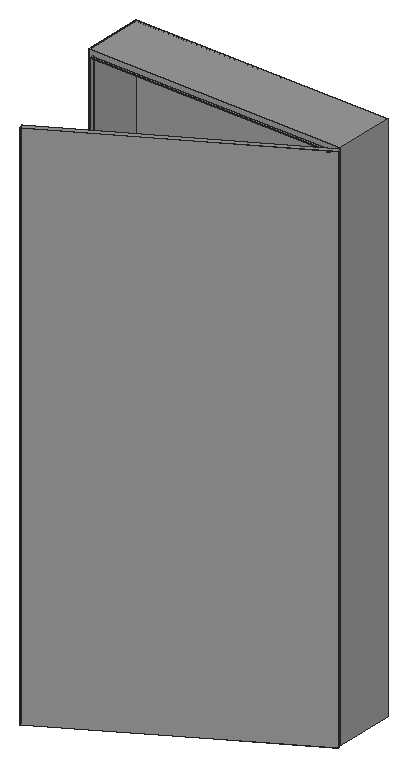
Revit family "Hager-Univers-IP44-D205-H1700-Cl.I-Encl-NoHosted-CH-fr", category Electrical Equipment, Revit 2020
Family settings
  Panel Configuration = Two Columns, Circuits Across
  Round Connector Dimension = Use Diameter
  Part Type = Panelboard
  Work Plane-Based = Yes
  Always vertical = Yes
  Cut with Voids When Loaded = No
  Shared = No
  Room Calculation Point = No
Parameters (values of type "saillie IP44 L800 H1700 P205  - FP13TN2")
  Width Control [instance] = if([EF000008 - largeur] > Min Width, [EF000008 - largeur], Min Width)  # 800 mm
  Type Comments = [HG000003 - Gamme]  # "Univers"
  Thickness Door [instance] = if([EF009171 - épaisseur de matériau de la porte/du couvercle] > 3 mm, 3 mm, [EF009171 - épaisseur de matériau de la porte/du couvercle])  # 1 mm
  Seal Frame Offset [instance] = 17 mm  # constant formula
  Plinth Visibility [instance] = [HG000027 - Hauteur du socle] > 0 mm  # no
  Min Width [instance] = 100 mm  # constant formula
  Min Depth [instance] = (2 * [EF009170 - épaisseur de matériau du boîtier]) + 1 mm  # 3 mm
  Min Height [instance] = 100 mm  # constant formula
  Internal Frame Depth [instance] = (Door System Depth * 0.5)  # 9 mm
  Panel Name [instance] = ""  # (empty or 0)
  Model = ""
  HG000027 - Hauteur du socle = 0 mm
  HG000026 - Installation au sol = no
  HG000024 - Hauteur de la section basse = 600 mm
  HG000023 - Armoire double section = no
  HG000016 - Visibilité de la porte 3D [instance] = yes
  HG000015 - Visibilité de l'emprise de la porte [instance] = no
  HG000014 - Porte à droite [instance] = yes
  HG000013 - Porte à gauche [instance] = not([HG000014 - Porte à droite])  # no
  HG000012 - Angle de pivotement de la porte [instance] = 30.00°
  HG000010 - Portes asymétriques = no
  HG000009 - Porte à double battant = no
  HG000006 - Encastré = no
  HG000004 - Référence fabricant = "FP13TN2"
  HG000003 - Gamme = "Univers"
  HG000002 - avec porte = yes
  Frame Offset Bottom [instance] = 10 mm  # constant formula
  Frame Offset [instance] = 15 mm  # constant formula
  EF015940 - couvercle avec décharge de pression = no
  EF011959 - degré de protection (NEMA) = ""
  EF009554 - nombre d'ouvertures pour plaques à bride = 6
  EF009212 - finition du couvercle = "EV000116 - fermé"
  EF009171 - épaisseur de matériau de la porte/du couvercle = 1 mm
  EF009170 - épaisseur de matériau du boîtier = 1 mm
  EF008873 - courant nominal (In) = 400 A
  EF007800 - adapté à un parafoudre = no
  EF006306 - avec serrure = no
  EF006244 - couvercle/porte transparent(e) = no
  EF005474 - indice de protection (IP) = "EV006418 - IP44"
  EF004464 - type de porte = "EV002646 - unique"
  EF004427 - nombre de modules = 396
  EF004293 - indice de protection contre les chocs (IK) = "EV006815 - IK09"
  EF003532 - convient pour utilisation à l’extérieur = no
  EF002950 - largeur en nombre de modules = 36
  EF001613 - maintien de fonction = "EV000494 - sans"
  EF001596 - matériau du boîtier/corps = "EV000179 - acier"
  EF001131 - profondeur intérieure = 205 mm
  EF001088 - possibilité de montage en saillie = yes
  EF000437 - nombre d'entrées de conduit = 6
  EF000339 - type de capot = "EV001012 - couvercle"
  EF000266 - nombre de rangées = 11
  EF000218 - profondeur d'encastrement = 205 mm
  EF000118 - avec cadre/support de montage = no
  EF000116 - numéro RAL = "9010"
  EF000049 - profondeur = 205 mm
  EF000040 - hauteur = 1700 mm
  EF000008 - largeur = 800 mm
  EF000007 - couleur = "EV000202 - blanc"
  EF000003 - mode de pose = "EV000384 - saillie"
  Door System Leaf Tolerance [instance] = 1.5 mm  # constant formula
  Door System Depth [instance] = 18 mm  # constant formula
  Door Height [instance] = Height Control - [HG000027 - Hauteur du socle]  # 1700 mm
  Description = ""
  Default Elevation = 1219.2 mm
  Connector Offset [instance] = Height Control / 2  # 850 mm
  Manufacturer = "Hager"  # constant formula
  Height Control [instance] = if([EF000040 - hauteur] > Min Height, [EF000040 - hauteur], Min Height)  # 1700 mm
  Depth Control [instance] = if([EF000049 - profondeur] > Min Depth, [EF000049 - profondeur], Min Depth)  # 205 mm
  Bottom Top Plate Trim [instance] = 1.5 mm  # constant formula
  Plinth height Ctrl [instance] = if([HG000027 - Hauteur du socle] > 0 mm, [HG000027 - Hauteur du socle], 12 mm)  # 12 mm
Types (5, lengths in mm): name | Width Control | HG000010 - Portes asymétriques | HG000009 - Porte à double battant | HG000004 - Référence fabricant | EF009554 - nombre d'ouvertures pour plaques à bride | EF008873 - courant nominal (In) | EF004464 - type de porte | EF004427 - nombre de modules | EF002950 - largeur en nombre de modules | EF000437 - nombre d'entrées de conduit | EF000008 - largeur
  saillie IP44 L1050 H1700 P205  - FP14TN2 | 1050 | no | yes | "FP14TN2" | 8 | 400 A | "EV003602 - double" | 528 | 48 | 8 | 1050
  saillie IP44 L1300 H1700 P205  - FP15TN2 | 1300 | yes | yes | "FP15TN2" | 10 | 400 A | "EV003602 - double" | 660 | 60 | 10 | 1300
  saillie IP44 L300 H1700 P205  - FP11TN2 | 300 | no | no | "FP11TN2" | 2 | 250 A | "EV002646 - unique" | 132 | 12 | 2 | 300
  saillie IP44 L550 H1700 P205  - FP12TN2 | 550 | no | no | "FP12TN2" | 4 | 250 A | "EV002646 - unique" | 264 | 24 | 4 | 550
  saillie IP44 L800 H1700 P205  - FP13TN2 | 800 | no | no | "FP13TN2" | 6 | 400 A | "EV002646 - unique" | 396 | 36 | 6 | 800
Reference planes
  plane 1 "Center (Front/Back)": y = 0
  plane 2: z = 0
  plane 3 "Center (Left/Right)": x = 0
  plane 4: y = 0
  plane 5: y = 0
  plane 6: z = 0
  plane 7: x = -400
  plane 8: x = 400
  plane 9: x = 399
  plane 10: x = -399
  plane 11: z = 0
  plane 12: z = 1
  plane 13: y = -205
  plane 14: y = -1
  plane 15: x = 0
  plane 16: y = -187
  plane 17: y = -204
  plane 18: y = -186
  plane 19: x = -384
  plane 20: x = 384
  plane 21: z = 11
  plane 22: x = -383
  plane 23: x = 383
  plane 24: z = 0
  plane 25: z = 1700
  plane 26: z = 1700
  plane 27: z = 1684
  plane 28: z = 1699
Forms (mm)
  Extrusion 1, solid, material "Hager_Steel_RAL7035_Light_Grey", detail levels medium+fine
    sketch origin (-208.679, -4572, 0) x (-1, 0, 0) y (0, -1, 0)
      loop
        line (191.321, -4385) -> (-608.679, -4385) -> (-608.679, -4572) -> (191.321, -4572) -> (191.321, -4385)
    from 0 to 1700
  Extrusion 2, void
    sketch origin (-350.771, -205, 1219.2) x (1, 0, 0) y (0, 0, 1)
      loop
        line (-48.229, 479.8) -> (-48.229, -1218.2) -> (749.771, -1218.2) -> (749.771, 479.8) -> (-48.229, 479.8)
    from -19 to -204
  Extrusion 3, void
    sketch origin (-290.084, -187, 1219.2) x (1, 0, 0) y (0, 0, 1)
      loop
        line (-93.916, -1208.2) -> (674.084, -1208.2) -> (674.084, 464.8) -> (-93.916, 464.8) -> (-93.916, -1208.2)
    from 0 to -1
  Extrusion 4, solid, material "Hager_Steel_RAL7035_Light_Grey", visible <- "Plinth Visibility", detail levels medium+fine
    sketch origin (0, 0, 0) x (1, 0, 0) y (0, 1, 0)
      loop
        line (-400, 0) -> (-400, -187) -> (400, -187) -> (400, 0) -> (-400, 0)
    from 0 to 12 <- "Plinth height Ctrl"
  Extrusion 5, solid, material "Hager_Steel_RAL7035_Light_Grey", detail levels coarse
    sketch origin (0, 0, 0) x (1, 0, 0) y (0, 1, 0)
      loop
        line (-400, 0) -> (-400, -205) -> (400, -205) -> (400, 0) -> (-400, 0)
    from 0 to 1700 <- "Height Control"
  Sweep 6, void
    path in 3D
      loop
        line (-400, -187, 12) -> (400, -187, 12) -> (400, 0, 12) -> (-400, 0, 12) -> (-400, -187, 12)
    profile origin (-400, -93.5, 12) x (1, 0, 0) y (0, 0, 1)
      loop
        line (0, 0) -> (0, -1.5) -> (1.5, -1.5)
        arc (1.5, -1.5) -> (1.061, -0.439) -> (0, 0) r 1.5
  Extrusion 7, solid, material "Hager_Steel_RAL7035_Light_Grey", detail levels fine
    sketch origin (-400, -187, 0) x (1, 0, 0) y (0, 0, 1)
      loop
        line (16, 11) -> (784, 11) -> (784, 1684) -> (16, 1684) -> (16, 11)
      loop
        line (15, 10) -> (785, 10) -> (785, 1685) -> (15, 1685) -> (15, 10)
    from 0 to 9 <- "Internal Frame Depth"
Cuts and joins
  Extrusion 2, Extrusion 3 cuts Extrusion 1
  Sweep 6 cuts Extrusion 4
Lines and regions (mm)
  Masking region 1
    outline origin (0, 0, 0) x (1, 0, 0) y (0, 1, 0)
      loop
        line (-400, 0) -> (-400, -205) -> (400, -205) -> (400, 0) -> (-400, 0)
  Masking region 2, detail levels coarse
    outline origin (-290.084, -187, 1219.2) x (-1, 0, 0) y (0, 0, 1)
      loop
        line (-690.084, -1219.2) -> (109.916, -1219.2) -> (109.916, 480.8) -> (-690.084, 480.8) -> (-690.084, -1219.2)
  Masking region 3, detail levels coarse
    outline origin (0, 0, 0) x (0, 1, 0) y (0, 0, 1)
      loop
        line (0, 0) -> (0, 1700) -> (-205, 1700) -> (-205, 0) -> (0, 0)
  Masking region 4, visible <- "Plinth Visibility", detail levels medium+fine
    outline origin (0, 0, 0) x (0, 1, 0) y (0, 0, 1)
      loop
        line (-1.5, 12) -> (-185.5, 12)
        arc (-185.5, 12) -> (-185.939, 10.939) -> (-187, 10.5) r 1.5
        line (-187, 10.5) -> (-187, 0) -> (0, 0) -> (0, 10.5)
        arc (0, 10.5) -> (-1.061, 10.939) -> (-1.5, 12) r 1.5
  Masking region 5, detail levels medium+fine
    outline origin (0, 0, 594.038) x (0, 1, 0) y (0, 0, 1)
      loop
        line (0, -594.038) -> (0, 1105.962) -> (-187, 1105.962) -> (-187, -594.038) -> (0, -594.038)
  Masking region 6, detail levels medium+fine
    outline origin (-359.7, -187, 1211.883) x (-1, 0, 0) y (0, 0, 1)
      loop
        line (-759.7, -1211.883) -> (40.3, -1211.883) -> (40.3, 488.117) -> (-759.7, 488.117) -> (-759.7, -1211.883)
  Masking region 7, visible <- "Plinth Visibility", detail levels medium+fine
    outline origin (-320.334, -187, 1041.368) x (-1, 0, 0) y (0, 0, 1)
      loop
        line (-720.334, -1041.368) -> (79.666, -1041.368) -> (79.666, -1030.868)
        arc (79.666, -1030.868) -> (78.606, -1030.429) -> (78.166, -1029.368) r 1.5
        line (78.166, -1029.368) -> (-718.834, -1029.368)
        arc (-718.834, -1029.368) -> (-719.273, -1030.429) -> (-720.334, -1030.868) r 1.5
        line (-720.334, -1030.868) -> (-720.334, -1041.368)
  sketch lines
    curve 1: line (-400, 0, 12) -> (-400, -187, 12)
    curve 2: line (-400, -187, 12) -> (400, -187, 12)
    curve 3: line (400, 0, 12) -> (-400, 0, 12)
    curve 4: line (400, -187, 12) -> (400, 0, 12)
Dimensions and locks
  locked: plane 1 "Center (Front/Back)" to plane 5
  "EF009170 - épaisseur de matériau du boîtier": plane 7 to plane 10
  "EF009170 - épaisseur de matériau du boîtier": plane 8 to plane 9
  equal spacing: plane 7, plane 3 "Center (Left/Right)", plane 8
  "Width Control": plane 7 to plane 8
  "Depth Control": plane 4 to plane 13
  "EF009170 - épaisseur de matériau du boîtier": plane 4 to plane 14
  "Height Control": plane 25 to level
  "HG000027 - Hauteur du socle": plane 11 to level
  "EF009170 - épaisseur de matériau du boîtier": plane 12 to plane 11
  "EF009170 - épaisseur de matériau du boîtier": plane 17 to plane 13
  "EF009170 - épaisseur de matériau du boîtier": plane 18 to plane 16
  "Frame Offset Bottom": plane 21 to plane 12
  "Frame Offset": plane 10 to plane 19
  "Frame Offset": plane 9 to plane 20
  "Door System Depth": plane 16 to plane 13
  "Seal Frame Offset": plane 7 to plane 22
  "Seal Frame Offset": plane 8 to plane 23
  "EF009170 - épaisseur de matériau du boîtier": plane 26 to plane 28
  "Frame Offset": plane 28 to plane 27
  "Connector Offset": plane 2 to connector elem
  "Bottom Top Plate Trim": profile plane to Sweep 6 sketch curve
  "Bottom Top Plate Trim": Sweep 6 sketch curve to Sweep 6 sketch curve
  "Plinth height Ctrl": Masking region 4 sketch curve to level
  "Plinth height Ctrl": Masking region 7 sketch curve to level
  "Thickness Door": Extrusion 7 sketch curve to Extrusion 7 sketch curve  (x4)
  "Bottom Top Plate Trim": radius of Sweep 6 sketch curve
  "Bottom Top Plate Trim": radius of Masking region 4 sketch curve  (x2)
  "Bottom Top Plate Trim": radius of Masking region 7 sketch curve  (x2)
  aligned and locked: Extrusion 2 sketch curve to plane 12
  aligned and locked: Extrusion 2 sketch curve to plane 9
  aligned and locked: Extrusion 2 sketch curve to plane 10
  aligned and locked: Extrusion 2 to plane 14
  aligned and locked: Extrusion 1 sketch curve to plane 4
  aligned and locked: plane 8 to Extrusion 1 sketch curve
  aligned and locked: plane 7 to Extrusion 1 sketch curve
  aligned and locked: Extrusion 2 to plane 18
  aligned and locked: Extrusion 3 sketch curve to plane 19
  aligned and locked: plane 20 to Extrusion 3 sketch curve
  aligned and locked: Extrusion 3 to Extrusion 2
  aligned and locked: Extrusion 3 sketch curve to plane 21
  aligned and locked: plane 3 "Center (Left/Right)" to nested 1
  aligned and locked: Extrusion 1 sketch curve to plane 16
  aligned and locked: Extrusion 4 sketch curve to cut or joined group of Extrusion 1, Extrusion 2, Extrusion 3
  aligned and locked: Masking region 1 sketch curve to plane 7
  aligned and locked: Masking region 1 sketch curve to plane 5
  aligned and locked: Masking region 1 sketch curve to plane 8
  aligned and locked: Masking region 2 sketch curve to level
  aligned and locked: level to Masking region 3 sketch curve
  aligned and locked: plane 1 "Center (Front/Back)" to Masking region 3 sketch curve
  aligned and locked: plane 13 to Masking region 3 sketch curve
  aligned and locked: plane 5 to Masking region 4 sketch curve
  aligned and locked: Masking region 2 sketch curve to plane 8
  aligned and locked: Masking region 2 sketch curve to plane 7
  aligned and locked: plane 7 to nested 2
  aligned and locked: nested 2 to plane 5
  aligned and locked: plane 5 to Masking region 5 sketch curve
  aligned and locked: plane 26 to Masking region 5 sketch curve
  aligned and locked: Extrusion 5 sketch curve to plane 8
  aligned and locked: Extrusion 5 sketch curve to plane 7
  aligned and locked: Extrusion 5 sketch curve to plane 5
  aligned and locked: Extrusion 3 sketch curve to plane 27
  aligned and locked: Extrusion 2 sketch curve to plane 28
  aligned and locked: Masking region 2 to plane 25
  aligned and locked: Extrusion 4 to plane 16
  aligned and locked: profile plane to Sweep 6 sketch curve
  aligned and locked: Masking region 5 sketch curve to plane 24
  aligned and locked: level to Masking region 4 sketch curve
  aligned and locked: Masking region 1 to plane 13
  aligned and locked: nested 1 to plane 16
  aligned and locked: Masking region 3 to plane 25
  aligned and locked: plane 16 to Masking region 4 sketch curve
  aligned and locked: Masking region 5 sketch curve to plane 16
  aligned and locked: plane 24 to plane 11
  aligned and locked: plane 26 to plane 25
  aligned and locked: plane 26 to cut or joined group of Extrusion 1, Extrusion 2, Extrusion 3
  aligned and locked: nested 1 to plane 24
  aligned and locked: Extrusion 1 to Extrusion 3
  aligned and locked: Masking region 6 sketch curve to plane 8
  aligned and locked: Masking region 6 sketch curve to plane 24
  aligned and locked: Masking region 6 sketch curve to plane 7
  aligned and locked: Masking region 6 sketch curve to plane 26
  aligned and locked: Masking region 7 sketch curve to plane 7
  aligned and locked: level to Masking region 7 sketch curve
  aligned and locked: Masking region 7 sketch curve to plane 8
  aligned and locked: Extrusion 7 sketch curve to cut or joined group of Extrusion 1, Extrusion 2, Extrusion 3  (x4)
Automatic sketch dimensions
  plane 19 to Extrusion 3 sketch curve = 0 mm
  Extrusion 3 sketch curve to plane 20 = 0 mm
  Extrusion 3 sketch curve to plane 21 = 0 mm
  Extrusion 4 sketch curve to plane 7 = 0 mm
  Extrusion 4 sketch curve to plane 8 = 0 mm
  Extrusion 4 sketch curve to plane 16 = 0 mm
  Masking region 1 sketch curve to plane 13 = 0 mm
  Masking region 2 sketch curve to plane 25 = 0 mm
  Masking region 3 sketch curve to plane 25 = 0 mm
  Extrusion 5 sketch curve to plane 13 = 0 mm
  profile plane to Sweep 6 sketch curve = 0 mm
Nested families
  nested 1: "EC000058_Univers_Door" at (0, -187, 0), Double <- "HG000009 - Porte à double battant", Transparent <- "EF006244 - couvercle/porte transparent(e)", Angle <- "HG000012 - Angle de pivotement de la porte", Door_Right <- "HG000014 - Porte à droite", Assymetrical <- "HG000010 - Portes asymétriques", Door <- "HG000002 - avec porte", Width_Ctrl <- "Width Control", 3d_Door <- "HG000016 - Visibilité de la porte 3D", Clearance <- "HG000015 - Visibilité de l'emprise de la porte", Door_Left <- "HG000013 - Porte à gauche", Width <- "Width Control", Door_Depth <- "Door System Depth", Leaf_Tolerance <- "Door System Leaf Tolerance", Height <- "Door Height", Lock_Visibility <- "EF006306 - avec serrure", Thickness <- "Thickness Door", type "EC000058_Univers_Door", detail levels medium+fine
    with min_wh 3 mm, Width_Ctrl 800 mm, Width 800 mm, Transparent no, Thickness 1 mm, Seal_Material Hager_Rubber, Lock_Visibility no, Lock_Material Hager_Plastic_RAL9005_Jet_Black, Leaf_Width 800 mm, Leaf_Tolerance_External_Sides 0 mm, Leaf_Tolerance 1.5 mm, Leaf_Offset 0 mm, Leaf_Height 1697 mm, Leaf_2_Width 800 mm, Leaf_2_Offset 400 mm, Leaf_1_Width 800 mm, Leaf_1_Offset 400 mm, Height_Ctrl 1700 mm, Height 1700 mm, Glass_Material Hager_Glass, Double_Clearance_Ctrl no, Double no, Door_Right_Ctrl yes, Door_Right yes, Door_Material Hager_Steel_RAL7035_Light_Grey, Door_Left_Ctrl no, Door_Left no, Door_Depth 18 mm, Door yes, Clearance_Material Hager_Clearance, Clearance_Depth 800 mm, Clearance_Ctrl no, Clearance no, Assymetrical no, Angle 30.00°, 3d_Door yes
  nested 2: "Hager_Enclosure_Symbol" at (-400, 0, 0), Height <- "Depth Control", Width <- "Width Control", type "Hager_Enclosure_Symbol"
    with Width_Ctrl 800 mm, Width 800 mm, Height_Ctrl 205 mm, Height 205 mm, A_Width_Int 13.453 mm, A_Width 161.438 mm, A_Height_Ctrl 179.375 mm, A_Height 179.375 mm
Connectors
  electrical at (0, 0, 850)
    settings: on plane 1 "Center (Front/Back)", index 1, voltage 0 V, apparent load 0 VA, apparent load phase1 0 VA, apparent load phase2 0 VA, apparent load phase3 0 VA, power factor 1, load classification "Other", number of poles 1, system type 30, power factor state 1, is connector primary yes, connector utility no, sub classification motor no, connector description ""
Definition of nested family "EC000058_Univers_Door"
  Parameters (values of type "EC000058_Univers_Door")
    min_wh [instance] = (2 * Thickness) + 1 mm  # 11 mm
    Width_Ctrl [instance] = 400 mm
    Width [instance] = 500 mm
    Transparent [instance] = yes
    Thickness [instance] = 5 mm
    Seal_Material [instance] = none
    Lock_Visibility [instance] = yes
    Lock_Material [instance] = none
    Leaf_Width [instance] = if((Width_Ctrl - 2 * Leaf_Tolerance_External_Sides) > 0 mm, (Width_Ctrl - 2 * Leaf_Tolerance_External_Sides), min_wh)  # 400 mm
    Leaf_Tolerance_External_Sides [instance] = 0 mm  # constant formula
    Leaf_Tolerance [instance] = 1.5 mm
    Leaf_Offset [instance] = 0 mm  # constant formula
    Leaf_Height [instance] = if((Height_Ctrl - 2 * Leaf_Tolerance) > 0 mm, (Height_Ctrl - 2 * Leaf_Tolerance), min_wh)  # 497 mm
    Leaf_2_Width [instance] = if(and(and(Double, Assymetrical), Door_Left), (Leaf_Width / 3) - (Leaf_Tolerance / 2), if(and(and(Double, Assymetrical), Door_Right), (Leaf_Width / 3) * 2 - (Leaf_Tolerance / 2), if(and(Double, not(Assymetrical)), (Leaf_Width / 2) - Leaf_Tolerance, Leaf_Width)))  # 400 mm
    Leaf_2_Offset [instance] = if(and(Double, Assymetrical), Leaf_2_Width / 2, if(and(Double, not(Assymetrical)), Leaf_Width / 4, Leaf_Width / 2))  # 200 mm
    Leaf_1_Width [instance] = if(and(and(Double, Assymetrical), Door_Right), (Leaf_Width / 3) - (Leaf_Tolerance / 2), if(and(and(Double, Assymetrical), Door_Left), (Width / 3) * 2 - (Leaf_Tolerance / 2), if(and(Double, not(Assymetrical)), (Leaf_Width / 2) - Leaf_Tolerance, Leaf_Width)))  # 400 mm
    Leaf_1_Offset [instance] = if(and(Double, Assymetrical), Leaf_1_Width / 2, if(and(Double, not(Assymetrical)), Leaf_Width / 4, Leaf_Width / 2))  # 200 mm
    Height_Ctrl [instance] = if(Height > min_wh, Height, min_wh)  # 500 mm
    Height [instance] = 500 mm
    Glass_Material [instance] = none
    Double_Clearance_Ctrl [instance] = and(Double, Clearance)  # no
    Double [instance] = no
    Door_Right_Ctrl [instance] = and(or(Door_Right, Double), Door)  # yes
    Door_Right [instance] = yes
    Door_Material [instance] = none
    Door_Left_Ctrl [instance] = and(or(Door_Left, Double), Door)  # no
    Door_Left [instance] = no
    Door_Depth [instance] = 30 mm
    Door [instance] = yes
    Default Elevation = 1219.2 mm
    Clearance_Material [instance] = none
    Clearance_Depth [instance] = if(Leaf_1_Width > Leaf_2_Width, Leaf_1_Width, Leaf_2_Width)  # 400 mm
    Clearance_Ctrl [instance] = and(not(Double), Clearance)  # yes
    Clearance [instance] = yes
    Assymetrical [instance] = yes
    Angle [instance] = 30.00°
    3d_Door [instance] = yes
  Reference planes
    plane 1 "Center (Front/Back)": y = 0
    plane 2 "Bottom": z = 0
    plane 3 "Center (Left/Right)": x = 0
    plane 4: z = 500
    plane 5: x = -200
    plane 6: x = 200
    plane 7: z = 500
    plane 8: x = -200
    plane 9: z = 0
    plane 10: x = 200
    plane 11: y = 0
    plane 12: z = 1.5
    plane 13: x = -600
    plane 14: y = -400
    plane 15: x = 600
    plane 16: x = 0
    plane 17: x = 0
    plane 18: x = -200
    plane 19: x = 200
    plane 20: z = 498.5
  Forms (mm)
    Extrusion 1, solid, material <- "Clearance_Material", visible <- "Double_Clearance_Ctrl"
      sketch origin (1200, 0, 0) x (1, 0, 0) y (0, 0, -1)
        loop
          line (-1800, -498.5) -> (-600, -498.5) -> (-600, 0) -> (-1800, 0) -> (-1800, -498.5)
      from 0 to -400
  Dimensions and locks
    equal spacing: plane 5, plane 3 "Center (Left/Right)", plane 6
    "Width_Ctrl": plane 5 to plane 6
    "Leaf_Offset": plane 5 to plane 8
    "Leaf_Offset": plane 6 to plane 10
    "Leaf_Offset": plane 9 to level
    "Leaf_Offset": plane 4 to plane 7
    "Height_Ctrl": plane 4 to level
    "Leaf_Tolerance": plane 12 to plane 9
    locked: plane 11 to plane 1 "Center (Front/Back)"
    "Leaf_1_Offset": plane 18 to plane 16
    "Leaf_2_Offset": plane 17 to plane 19
    "Leaf_1_Width": plane 13 to plane 8
    "Leaf_2_Width": plane 10 to plane 15
    "Clearance_Depth": plane 14 to plane 1 "Center (Front/Back)"
    "Leaf_Tolerance_External_Sides": plane 8 to plane 18
    "Leaf_Tolerance_External_Sides": plane 19 to plane 10
    "Leaf_Tolerance": plane 7 to plane 20
    aligned and locked: level to plane 2 "Bottom"
    aligned and locked: nested 1 to plane 16
    aligned and locked: nested 2 to plane 17
    aligned and locked: Extrusion 1 to plane 13
    aligned and locked: plane 15 to Extrusion 1
    aligned and locked: Extrusion 1 to plane 14
    aligned and locked: plane 12 to nested 1
    aligned and locked: nested 2 to plane 12
    aligned and locked: Extrusion 1 to plane 11
    aligned and locked: plane 20 to Extrusion 1
    aligned and locked: nested 2 to plane 11
    aligned and locked: nested 1 to plane 11
  Automatic sketch dimensions
    Extrusion 1 sketch curve to level = 0 mm
    plane 5 to Extrusion 1 sketch curve = 400 mm
    plane 6 to Extrusion 1 sketch curve = 400 mm
    Extrusion 1 sketch curve to plane 4 = 1.5 mm
  Nested families
    nested 1: "EC000058_Univers_Door_Leaf" at (0, 0, 1.5), Width <- "Leaf_1_Width", visible <- "Door_Left_Ctrl", Leaf_Height <- "Leaf_Height", Angle <- "Angle", 3d_Door <- "3d_Door", Transparent <- "Transparent", Clearance Material <- "Clearance_Material", Clearance <- "Clearance_Ctrl", Door_Material <- "Door_Material", Glass_Material <- "Glass_Material", Door_Depth <- "Door_Depth", Lock_Material <- "Lock_Material", Seal_Material <- "Seal_Material", Lock_Visibility <- "Lock_Visibility", Thickness <- "Thickness", type "EC000058_Univers_Door_Leaf"
      with Width 400 mm, Transparent_Glass_Offset 30 mm, Transparent_Ctrl yes, Transparent yes, Thickness 5 mm, Standard no, Seal_Material none, Seal_D2 8 mm, Seal_D1 1 mm, Offset_Internal_Frame 10 mm, Lock_Width 20 mm, Lock_Visibility_3d yes, Lock_Visibility yes, Lock_Thickness_3 3 mm, Lock_Thickness_2 1 mm, Lock_Thickness_1 3 mm, Lock_Radius_Offset_2 16 mm, Lock_Radius_Offset_1 15 mm, Lock_Radius_2 5 mm, Lock_Radius 6 mm, Lock_Offset 5 mm, Lock_Material none, Lock_Height 80 mm, Lock_Cover_Top_Offset_2d 17 mm, Lock_Cover_Height -65 mm, Leaf_Height 497 mm, Internal_Seal_Thickness 8 mm, Internal_Seal_Depth_2 4.5 mm, Internal_Frame_Depth 25 mm, Glass_Thickness -1 mm, Glass_Offset -2 mm, Glass_Material none, Door_Material none, Door_Depth 30 mm, Clearance Material none, Clearance yes, Angle_Ctrl 30.00°, Angle 30.00°, 3d_Door yes
    nested 2: "EC000058_Univers_Door_Leaf" at (0, 0, 1.5) x (-1, 0, 0) z (0, 0, 1), Width <- "Leaf_2_Width", visible <- "Door_Right_Ctrl", Leaf_Height <- "Leaf_Height", Angle <- "Angle", 3d_Door <- "3d_Door", Transparent <- "Transparent", Clearance Material <- "Clearance_Material", Clearance <- "Clearance_Ctrl", Door_Material <- "Door_Material", Glass_Material <- "Glass_Material", Door_Depth <- "Door_Depth", Lock_Material <- "Lock_Material", Seal_Material <- "Seal_Material", Lock_Visibility <- "Lock_Visibility", Thickness <- "Thickness", type "EC000058_Univers_Door_Leaf"
      with Width 400 mm, Transparent_Glass_Offset 30 mm, Transparent_Ctrl yes, Transparent yes, Thickness 5 mm, Standard no, Seal_Material none, Seal_D2 8 mm, Seal_D1 1 mm, Offset_Internal_Frame 10 mm, Lock_Width 20 mm, Lock_Visibility_3d yes, Lock_Visibility yes, Lock_Thickness_3 3 mm, Lock_Thickness_2 1 mm, Lock_Thickness_1 3 mm, Lock_Radius_Offset_2 16 mm, Lock_Radius_Offset_1 15 mm, Lock_Radius_2 5 mm, Lock_Radius 6 mm, Lock_Offset 5 mm, Lock_Material none, Lock_Height 80 mm, Lock_Cover_Top_Offset_2d 17 mm, Lock_Cover_Height -65 mm, Leaf_Height 497 mm, Internal_Seal_Thickness 8 mm, Internal_Seal_Depth_2 4.5 mm, Internal_Frame_Depth 25 mm, Glass_Thickness -1 mm, Glass_Offset -2 mm, Glass_Material none, Door_Material none, Door_Depth 30 mm, Clearance Material none, Clearance yes, Angle_Ctrl 30.00°, Angle 30.00°, 3d_Door yes
  Definition of nested family "EC000058_Univers_Door_Leaf"
    Parameters (values of type "EC000058_Univers_Door_Leaf")
      Width [instance] = 2000 mm
      Transparent_Glass_Offset [instance] = 30 mm
      Transparent_Ctrl [instance] = and(Transparent, [3d_Door])  # yes
      Transparent [instance] = yes
      Thickness [instance] = 5 mm
      Standard [instance] = and(not(Transparent), [3d_Door])  # no
      Seal_Material [instance] = none
      Seal_D2 [instance] = 8 mm  # constant formula
      Seal_D1 [instance] = 1 mm  # constant formula
      Offset_Internal_Frame [instance] = 10 mm  # constant formula
      Lock_Width [instance] = 20 mm  # constant formula
      Lock_Visibility_3d [instance] = and(Lock_Visibility, [3d_Door])  # yes
      Lock_Visibility [instance] = yes
      Lock_Thickness_3 [instance] = 3 mm  # constant formula
      Lock_Thickness_2 [instance] = 1 mm  # constant formula
      Lock_Thickness_1 [instance] = 3 mm  # constant formula
      Lock_Radius_Offset_2 [instance] = Lock_Radius_Offset_1 + 1 mm  # 16 mm
      Lock_Radius_Offset_1 [instance] = 15 mm  # constant formula
      Lock_Radius_2 [instance] = Lock_Radius - 1 mm  # 5 mm
      Lock_Radius [instance] = 6 mm  # constant formula
      Lock_Offset [instance] = 5 mm  # constant formula
      Lock_Material [instance] = none
      Lock_Height [instance] = 80 mm  # constant formula
      Lock_Cover_Top_Offset_2d [instance] = Lock_Radius_Offset_2 + 1 mm  # 17 mm
      Lock_Cover_Height [instance] = -(Lock_Height - Lock_Radius_Offset_1)  # -65 mm
      Leaf_Height [instance] = 2720.336 mm
      Internal_Seal_Thickness [instance] = 8 mm  # constant formula
      Internal_Seal_Depth_2 [instance] = 4.5 mm  # constant formula
      Internal_Frame_Depth [instance] = if(Door_Depth - Thickness > 5 mm, Door_Depth - Thickness, 5 mm)  # 25 mm
      Glass_Thickness [instance] = if(Thickness > 15 mm, Glass_Offset + 10 mm, -1 mm)  # -1 mm
      Glass_Offset [instance] = if(Thickness > 15 mm, -(Thickness + 10 mm) / 2, -2 mm)  # -2 mm
      Glass_Material [instance] = none
      Door_Material [instance] = none
      Door_Depth [instance] = 30 mm
      Default Elevation = 0 mm
      Clearance Material [instance] = none
      Clearance [instance] = yes
      Angle_Ctrl [instance] = if(Angle > 180.00°, 180.00°, Angle)  # 90.00°
      Angle [instance] = 90.00°
      3d_Door [instance] = yes
    Reference planes
      plane 1 "Center (Front/Back)": y = 0
      plane 2: z = 0
      plane 3 "Center (Left/Right)": x = 0
      plane 4: y = 2000
      plane 5: x = -1000
      plane 6: x = 1000
      plane 7: x = -3000
      plane 8: z = 2720.336
      plane 9: z = 30
      plane 10: z = 2690.336
      plane 11: x = 970
      plane 12: x = -970
      plane 13: y = -3
      plane 14: z = 107.833
      plane 15: y = -5
      plane 16: y = -223.314
      plane 17: x = -1000
      plane 18: z = 1360.168
      plane 19: y = 30
    Forms (mm)
      Extrusion 1, solid, material <- "Clearance Material", visible <- "Clearance"
        sketch origin (0, 0, 0) x (1, 0, 0) y (0, 0, 1)
          loop
            line (-3000, 2720.336) -> (-3000, 0) -> (1000, 0) -> (1000, 2720.336) -> (-3000, 2720.336)
        from 0 to -2000
      Extrusion 2, solid, material <- "Door_Material", visible <- "Standard", detail levels medium+fine
        sketch origin (-1000, 0, 0) x (0, 1, 0) y (-1, 0, 0)
          loop
            line (0, 30) -> (0, 25) -> (2000, 25) -> (2000, 30) -> (0, 30)
        from 0 to 2720.336 <- "Leaf_Height"
      Extrusion 3, solid, material <- "Door_Material", visible <- "Transparent_Ctrl", detail levels medium+fine
        sketch origin (-1000, 0, 0) x (0, 1, 0) y (-1, 0, 0)
          loop
            line (0, 25) -> (2000, 25) -> (2000, 30) -> (0, 30) -> (0, 25)
        from 0 to 2720.336 <- "Leaf_Height"
      Extrusion 4, void
        sketch origin (-1025, 2000, 0) x (0, 1, 0) y (0, 0, -1)
          loop
            line (-30, -2690.336) -> (-30, -30) -> (-1970, -30) -> (-1970, -2690.336) -> (-30, -2690.336)
        from 0 to 5 <- "Thickness"
      Sweep 5, solid, material <- "Seal_Material", visible <- "Transparent_Ctrl", detail levels fine
        path in 3D
          loop
            line (-1025, 30, 30) -> (-1025, 30, 2690.336) -> (-1025, 1970, 2690.336) -> (-1025, 1970, 30) -> (-1025, 30, 30)
        profile origin (-1025, 1000, 30) x (1, 0, 0) y (0, 0, 1)
          loop
            line (0, 0) -> (0, -8) -> (1, -8) -> (1, 0) -> (0, 0)
      Extrusion 6, solid, material <- "Glass_Material", visible <- "Transparent_Ctrl", detail levels medium+fine
        sketch origin (-1030, 0, 0) x (0, 1, 0) y (0, 0, -1)
          loop
            line (1970, -2690.336) -> (1970, -30) -> (30, -30) -> (30, -2690.336) -> (1970, -2690.336)
        from -2 <- "Glass_Offset" to -1 <- "Glass_Thickness"
      Extrusion 7, solid, material <- "Door_Material", visible <- "3d_Door", detail levels medium+fine
        sketch origin (-1025, 2000, 0) x (0, -1, 0) y (0, 0, -1)
          loop
            line (0, -2720.336) -> (2000, -2720.336) -> (2000, 0) -> (0, 0) -> (0, -2720.336)
          loop
            line (1995, -5) -> (5, -5) -> (5, -2715.336) -> (1995, -2715.336) -> (1995, -5)
        from 0 to 25 <- "Internal_Frame_Depth"
      Sweep 8, solid, material <- "Seal_Material", visible <- "Transparent_Ctrl", detail levels fine
        path in 3D
          loop
            line (-1025, 0, 0) -> (-1025, 2000, 0) -> (-1025, 2000, 2720.336) -> (-1025, 0, 2720.336) -> (-1025, 0, 0)
        profile origin (-1025, 0, 1360.168) x (1, 0, 0) y (0, 1, 0)
          loop
            line (0, 10) -> (2.975, 10)
            arc (2.975, 10) -> (4.053, 10.447) -> (4.5, 11.525) r 1.525
            line (4.5, 11.525) -> (4.5, 16.527)
            arc (4.5, 16.527) -> (4.069, 17.569) -> (3.027, 18) r 1.473
            line (3.027, 18) -> (0, 18) -> (0, 10)
      Extrusion 9, solid, material <- "Lock_Material", visible <- "Lock_Visibility_3d", detail levels fine
        sketch origin (-1030, 0, 0) x (0, 1, 0) y (0, 0, -1)
          loop
            arc (1993.5, -1400.168) -> (1994.561, -1399.729) -> (1995, -1398.668) r 1.5
            line (1995, -1398.668) -> (1995, -1320.168) -> (1975, -1320.168) -> (1975, -1398.668)
            arc (1975, -1398.668) -> (1975.439, -1399.729) -> (1976.5, -1400.168) r 1.5
            line (1976.5, -1400.168) -> (1993.5, -1400.168)
        from 3 <- "Lock_Thickness_1" to 0
      Blend 10, solid, material <- "Lock_Material", visible <- "Lock_Visibility_3d", detail levels fine
        base sketch origin (-1033, 0, 0) x (0, 1, 0) y (0, 0, -1)
          loop
            line (1975, -1320.168) -> (1975, -1398.668)
            arc (1975, -1398.668) -> (1975.439, -1399.729) -> (1976.5, -1400.168) r 1.5
            line (1976.5, -1400.168) -> (1993.5, -1400.168)
            arc (1993.5, -1400.168) -> (1994.561, -1399.729) -> (1995, -1398.668) r 1.5
            line (1995, -1398.668) -> (1995, -1320.168) -> (1975, -1320.168)
        top sketch origin (-1033, 0, 0) x (0, 1, 0) y (0, 0, -1)
          loop
            line (1976, -1320.168) -> (1976, -1398.668)
            arc (1976, -1398.668) -> (1976.146, -1399.022) -> (1976.5, -1399.168) r 0.5
            line (1976.5, -1399.168) -> (1993.5, -1399.168)
            arc (1993.5, -1399.168) -> (1993.854, -1399.022) -> (1994, -1398.668) r 0.5
            line (1994, -1398.668) -> (1994, -1320.168) -> (1976, -1320.168)
        from 0 to 1 <- "Lock_Thickness_2"
      Blend 11, solid, material <- "Lock_Material", visible <- "Lock_Visibility_3d", detail levels fine
        base sketch origin (-1034, 0, 0) x (0, 1, 0) y (0, 0, -1)
          loop
            line (1978, -1320.168) -> (1978, -1384.168)
            arc (1978, -1384.168) -> (1985, -1391.168) -> (1992, -1384.168) r 7
            line (1992, -1384.168) -> (1992, -1320.168) -> (1978, -1320.168)
        top sketch origin (-1034, 0, 0) x (0, 1, 0) y (0, 0, -1)
          loop
            line (1991, -1320.168) -> (1979, -1320.168) -> (1979, -1383.168)
            arc (1979, -1383.168) -> (1985, -1389.168) -> (1991, -1383.168) r 6
            line (1991, -1383.168) -> (1991, -1320.168)
        from 0 to 3 <- "Lock_Thickness_3"
      Extrusion 12, solid, material <- "Lock_Material", visible <- "Lock_Visibility_3d", detail levels fine
        sketch origin (-1030, 1975, 1320.168) x (1, 0, 0) y (0, -1, 0)
          loop
            line (-7, -19) -> (-7, -1) -> (0, -1) -> (0, 0) -> (-8, 0) -> (-8, -20) -> (0, -20) -> (0, -19) -> (-7, -19)
        from 0 to -65 <- "Lock_Cover_Height"
      Extrusion 13, void
        sketch origin (-1038, 1995, 1320.168) x (-1, 0, 0) y (0, 0, -1)
          loop
            line (-5, -65) -> (0, -65) -> (-5, -60) -> (-5, -65)
        from 0 to 20 <- "Lock_Width"
      Extrusion 14, void
        sketch origin (-1038, 1975, 1320.168) x (0, -1, 0) y (0, 0, -1)
          loop
            circle (-10, -15.995) r 6
          loop
            circle (-10, -15.995) r 5
        from 0 to 2
      Extrusion 15, solid, material <- "Lock_Material", visible <- "Lock_Visibility_3d", detail levels medium
        sketch origin (-1030, 0, 0) x (0, 1, 0) y (0, 0, -1)
          loop
            arc (1993.5, -1400.168) -> (1994.561, -1399.729) -> (1995, -1398.668) r 1.5
            line (1995, -1398.668) -> (1995, -1320.168) -> (1975, -1320.168) -> (1975, -1398.668)
            arc (1975, -1398.668) -> (1975.439, -1399.729) -> (1976.5, -1400.168) r 1.5
            line (1976.5, -1400.168) -> (1993.5, -1400.168)
        from 8 to 0
    Cuts and joins
      Extrusion 4 cuts Extrusion 3
      Extrusion 13, Extrusion 14 cuts Extrusion 9
      Extrusion 14 cuts Blend 11
      Extrusion 13, Extrusion 14 cuts Extrusion 12
      joined: Extrusion 9, Blend 10, Blend 11, Extrusion 12
      Extrusion 14 cuts Extrusion 15
    Lines and regions (mm)
      Masking region 1, visible <- "Lock_Visibility", detail levels fine
        outline origin (0, 0, 0) x (0, 1, 0) y (0, 0, 1)
          loop
            line (30, 1320.168) -> (33, 1320.168) -> (33, 1400.168) -> (30, 1400.168) -> (30, 1320.168)
      Masking region 2, visible <- "Lock_Visibility", detail levels fine
        outline origin (0, 3.143, 0) x (0, 1, 0) y (0, 0, 1)
          loop
            line (29.857, 1354.168) -> (30.857, 1354.168) -> (30.857, 1366.168) -> (29.857, 1366.168) -> (29.857, 1354.168)
      Masking region 3, detail levels medium+fine
        outline origin (0, 0, 0) x (0, 1, 0) y (0, 0, 1)
          loop
            line (0, 0) -> (30, 0) -> (30, 2720.336) -> (0, 2720.336) -> (0, 0)
      Masking region 4, detail levels medium+fine
        outline origin (0, 0, 0) x (1, 0, 0) y (0, 0, 1)
          loop
            line (-1000, 2720.336) -> (-1000, 0) -> (1000, 0) -> (1000, 2720.336) -> (-1000, 2720.336)
      Masking region 5, visible <- "Lock_Visibility", detail levels fine
        outline origin (-47.116, 0, 0) x (1, 0, 0) y (0, 0, 1)
          loop
            arc (1024.616, 1399.168) -> (1023.556, 1398.729) -> (1023.116, 1397.668) r 1.5
            line (1023.116, 1397.668) -> (1023.116, 1320.168) -> (1041.116, 1320.168) -> (1041.116, 1397.668)
            arc (1041.116, 1397.668) -> (1040.677, 1398.729) -> (1039.616, 1399.168) r 1.5
            line (1039.616, 1399.168) -> (1024.616, 1399.168)
      Masking region 6, visible <- "Lock_Visibility", detail levels medium+fine
        outline origin (-25, 0, 0) x (1, 0, 0) y (0, 0, 1)
          loop
            arc (1001.5, 1400.168) -> (1000.439, 1399.729) -> (1000, 1398.668) r 1.5
            line (1000, 1398.668) -> (1000, 1320.168) -> (1020, 1320.168) -> (1020, 1398.668)
            arc (1020, 1398.668) -> (1019.561, 1399.729) -> (1018.5, 1400.168) r 1.5
            line (1018.5, 1400.168) -> (1001.5, 1400.168)
      Masking region 7, visible <- "Lock_Visibility", detail levels fine
        outline origin (-73.735, 0, 0) x (1, 0, 0) y (0, 0, 1)
          loop
            line (1051.735, 1382.168) -> (1065.735, 1382.168) -> (1065.735, 1384.168)
            arc (1065.735, 1384.168) -> (1058.735, 1391.168) -> (1051.735, 1384.168) r 7
            line (1051.735, 1384.168) -> (1051.735, 1382.168)
      Masking region 8, visible <- "Lock_Visibility", detail levels fine
        outline origin (-73.735, 0, 0) x (1, 0, 0) y (0, 0, 1)
          loop
            line (1052.735, 1382.168) -> (1064.735, 1382.168) -> (1064.735, 1383.168)
            arc (1064.735, 1383.168) -> (1058.735, 1389.168) -> (1052.735, 1383.168) r 6
            line (1052.735, 1383.168) -> (1052.735, 1382.168)
      Masking region 9, visible <- "Lock_Visibility", detail levels fine
        outline origin (-25, 0, 0) x (1, 0, 0) y (0, 0, 1)
          loop
            line (1020, 1320.168) -> (1020, 1382.168) -> (1000, 1382.168) -> (1000, 1320.168) -> (1020, 1320.168)
      Masking region 10, detail levels medium+fine
        outline origin (0, 0, 0) x (1, 0, 0) y (0, 0, 1)
          loop
            circle (985, 1335.144) r 6
      Masking region 11, detail levels fine
        outline origin (0, 0, 0) x (1, 0, 0) y (0, 0, 1)
          loop
            circle (985, 1335.144) r 5
      Masking region 12, visible <- "Lock_Visibility", detail levels fine
        outline origin (0, 12.767, 0) x (0, 1, 0) y (0, 0, 1)
          loop
            line (20.233, 1320.168) -> (21.233, 1320.168) -> (21.233, 1399.168) -> (20.233, 1400.168) -> (20.233, 1320.168)
      Masking region 13, visible <- "Lock_Visibility", detail levels fine
        outline origin (0, 13.767, -10) x (0, 1, 0) y (0, 0, 1)
          loop
            line (20.233, 1330.168) -> (23.233, 1330.168) -> (23.233, 1399.168) -> (20.233, 1402.168) -> (20.233, 1330.168)
      Masking region 14, visible <- "Lock_Visibility", detail levels fine
        outline origin (0, 12.767, -10) x (0, 1, 0) y (0, 0, 1)
          loop
            line (20.233, 1330.168) -> (25.233, 1330.168) -> (25.233, 1399.305) -> (20.233, 1394.305) -> (20.233, 1330.168)
      Masking region 15, visible <- "Lock_Visibility", detail levels medium
        outline origin (0, 0, 0) x (0, 1, 0) y (0, 0, 1)
          loop
            line (30, 1320.168) -> (38, 1320.168) -> (38, 1400.168) -> (30, 1400.168) -> (30, 1320.168)
      Masking region 16, visible <- "Lock_Visibility", detail levels fine
        outline origin (-1000, 0, 0) x (0, 1, 0) y (-1, 0, 0)
          loop
            line (1975, 30) -> (1995, 30) -> (1995, 38) -> (1975, 38) -> (1975, 30)
          loop
            line (1979, 37) -> (1976, 37) -> (1976, 34) -> (1978, 34) -> (1979, 37)
          loop
            line (1994, 37) -> (1991, 37) -> (1992, 34) -> (1994, 34) -> (1994, 37)
      Masking region 17, visible <- "Lock_Visibility", detail levels medium
        outline origin (-1000, 0, 0) x (0, 1, 0) y (-1, 0, 0)
          loop
            line (1975, 30) -> (1995, 30) -> (1995, 38) -> (1975, 38) -> (1975, 30)
      symbolic lines
        curve 1: line (1000, 0, 0) -> (-3000, 0, 0)
        curve 2: arc (1000, 0, 0) -> (-1000, 2000, 0) -> (-3000, 0, 0) r 2000
        curve 4: line (-1030, 0, 0) -> (-1030, 2000, 0)
      reference lines
        curve 3: line (-1000, 0, 0) -> (-1000, 2000, 0)
      symbolic lines, detail levels medium+fine
        curve 5: line (-1030, 2000, 0) -> (-1025, 2000, 0)
        curve 7: line (-1025, 0, 0) -> (-1030, 0, 0)
        curve 8: line (-1025, 0, 0) -> (-1000, 0, 0)
        curve 9: line (-1000, 0, 0) -> (-1000, 2000, 0)
        curve 10: line (-1000, 2000, 0) -> (-1025, 2000, 0)
      symbolic lines, detail levels fine
        curve 6: line (-1025, 2000, 0) -> (-1025, 0, 0)
      sketch lines
        curve 11: line (-1025, 0, 2720.336) -> (-1025, 0, 0)
        curve 12: line (-1025, 2000, 0) -> (-1025, 0, 0)
        curve 13: line (-1025, 2000, 2720.336) -> (-1025, 2000, 0)
        curve 14: line (-1025, 0, 2720.336) -> (-1025, 2000, 2720.336)
        curve 15: line (-1025, 1970, 30) -> (-1025, 30, 30)
        curve 16: line (-1025, 30, 30) -> (-1025, 30, 2690.336)
        curve 17: line (-1025, 1970, 2690.336) -> (-1025, 1970, 30)
        curve 18: line (-1025, 30, 2690.336) -> (-1025, 1970, 2690.336)
      symbolic lines, visible <- "Transparent", detail levels medium+fine
        curve 19: line (-970, 0, 2690.336) -> (970, 0, 2690.336)
        curve 20: line (-970, 0, 30) -> (-970, 0, 2690.336)
        curve 21: line (970, 0, 30) -> (-970, 0, 30)
        curve 22: line (970, 0, 2690.336) -> (970, 0, 30)
    Dimensions and locks
      "Width": plane 1 "Center (Front/Back)" to plane 4
      equal spacing: plane 5, plane 3 "Center (Left/Right)", plane 6
      "Width": plane 5 to plane 6
      "Width": plane 7 to plane 5
      "Leaf_Height": plane 8 to level
      "Width": curve 5 to curve 3
      "Width": curve 3 to curve 3
      plane 8 to plane 10 = 30 mm
      plane 9 to level = 30 mm
      plane 12 to plane 5 = 30 mm
      plane 6 to plane 11 = 30 mm
      Extrusion 1 to Extrusion 4 sketch curve = 30 mm
      "Transparent_Glass_Offset": curve 3 to Extrusion 4 sketch curve
      "Transparent_Glass_Offset": Extrusion 4 sketch curve to cut or joined group of Extrusion 3, Extrusion 4  (x2)
      cut or joined group of Extrusion 3, Extrusion 4 to Extrusion 6 sketch curve = 30 mm
      "Transparent_Glass_Offset": cut or joined group of Extrusion 3, Extrusion 4 to Extrusion 4 sketch curve
      "Thickness": curve 6 to curve 4
      "Thickness": Extrusion 7 sketch curve to Extrusion 7 sketch curve  (x4)
      "Door_Depth": curve 4 to curve 3
      "Offset_Internal_Frame": profile plane to Sweep 8 sketch curve
      "Internal_Seal_Thickness": Sweep 8 sketch curve to Sweep 8 sketch curve
      "Internal_Seal_Depth_2": profile plane to Sweep 8 sketch curve
      "Seal_D1": profile plane to Sweep 5 sketch curve
      "Seal_D2": profile plane to Sweep 5 sketch curve
      "Thickness": Extrusion 2 sketch curve to Extrusion 2 sketch curve
      equal spacing: Extrusion 9 sketch curve, plane 18, Extrusion 9 sketch curve  (x2)
      equal spacing: Masking region 1 sketch curve, plane 18, Masking region 1 sketch curve
      "Lock_Height": Masking region 1 sketch curve to Masking region 1 sketch curve
      "Lock_Radius": Masking region 2 sketch curve to plane 18 to Masking region 2 sketch curve
      Masking region 2 sketch curve to Masking region 1 = 1 mm
      "Door_Depth": plane 19 to plane 1 "Center (Front/Back)"
      "Lock_Thickness_1": Masking region 1 sketch curve to plane 19
      "Lock_Width": Extrusion 9 sketch curve to Extrusion 9 sketch curve
      "Lock_Height": Extrusion 9 sketch curve to Extrusion 9 sketch curve
      "Lock_Offset": cut or joined group of Extrusion 3, Extrusion 4 to Extrusion 9 sketch curve
      equal spacing: plane 8, plane 18, level
      "Lock_Radius_Offset_1": Blend 11 sketch curve to Blend 10
      locked: Blend 10 to Blend 11 sketch curve at 2  (x2)
      locked: var sketch to Blend 11 sketch curve at 1  (x2)
      "Lock_Radius_Offset_2": Blend 11 sketch curve to Blend 10
      locked: Extrusion 12 sketch curve to Extrusion 12 sketch curve at 1  (x3)
      Masking region 6 sketch curve to Masking region 6 sketch curve = 80 mm
      "Lock_Height": Masking region 6 sketch curve to Masking region 6 sketch curve
      "Lock_Width": Masking region 6 sketch curve to Masking region 6 sketch curve
      locked: Masking region 6 to Masking region 5 sketch curve at 1  (x3)
      locked: Masking region 5 to Masking region 7 sketch curve at 2  (x2)
      "Lock_Radius_Offset_1": Masking region 5 to Masking region 7 sketch curve
      "Lock_Radius_Offset_2": Masking region 5 to Masking region 8 sketch curve
      locked: Masking region 7 to Masking region 8 sketch curve at 1  (x2)
      "Lock_Cover_Top_Offset_2d": Masking region 5 to Masking region 9 sketch curve
      equal spacing: Masking region 9, Masking region 10 sketch curve, Masking region 9
      equal spacing: Masking region 9, Masking region 11 sketch curve, Masking region 9
      Extrusion 15 sketch curve to Extrusion 15 sketch curve = 80 mm
      "Lock_Width": Extrusion 15 sketch curve to Extrusion 15 sketch curve
      "Lock_Height": Extrusion 15 sketch curve to Extrusion 15 sketch curve
      equal spacing: Extrusion 15 sketch curve, plane 18, Extrusion 15 sketch curve
      "Lock_Thickness_3": Masking region 13 sketch curve to Masking region 13 sketch curve
      "Lock_Height": Masking region 12 sketch curve to Masking region 12 sketch curve
      locked: Masking region 13 sketch curve to Masking region 1 at 8
      locked: Masking region 14 sketch curve to Masking region 13 at 1
      locked: Masking region 14 sketch curve to Masking region 1 at 10.863
      "Lock_Height": Masking region 15 sketch curve to Masking region 15 sketch curve
      "Lock_Offset": Extrusion 15 sketch curve to cut or joined group of Extrusion 3, Extrusion 4
      "Lock_Offset": plane 6 to Masking region 6 sketch curve
      radius of Sweep 8 sketch curve = 1.525 mm
      radius of Sweep 8 sketch curve = 1.473 mm
      radius of Extrusion 9 sketch curve = 1.5 mm  (x2)
      "Lock_Radius": radius of Extrusion 14 sketch curve
      "Lock_Radius_2": radius of Extrusion 14 sketch curve
      "Lock_Radius": radius of Masking region 10 sketch curve
      "Lock_Radius_2": radius of Masking region 11 sketch curve
      radius of Extrusion 15 sketch curve = 1.5 mm  (x2)
      "Angle_Ctrl": angle plane 1 "Center (Front/Back)" to curve 3
      locked: Masking region 12 sketch curve to Masking region 12 sketch curve (angle 45.00°)
      locked: Masking region 13 sketch curve to Masking region 13 sketch curve (angle 45.00°)
      locked: Masking region 14 sketch curve to Masking region 14 sketch curve (angle 45.00°)
      aligned and locked: level to plane 2
      aligned and locked: Extrusion 1 to curve 1
      aligned and locked: plane 6 to Extrusion 1
      aligned and locked: Extrusion 1 to plane 1 "Center (Front/Back)"
      aligned and locked: plane 4 to Extrusion 1
      aligned and locked: plane 8 to Extrusion 1
      aligned and locked: curve 7 to Extrusion 2 sketch curve
      aligned and locked: curve 5 to Extrusion 2 sketch curve
      aligned and locked: curve 7 to Extrusion 3 sketch curve
      aligned and locked: Extrusion 3 sketch curve to curve 4
      aligned and locked: Extrusion 3 sketch curve to curve 6
      aligned and locked: Extrusion 3 sketch curve to curve 5
      aligned and locked: curve 9 to curve 3
      aligned and locked: Extrusion 7 sketch curve to cut or joined group of Extrusion 3, Extrusion 4  (x4)
      aligned and locked: plane 17 to curve 3
      aligned and locked: plane 1 "Center (Front/Back)" to curve 3
      aligned and locked: plane 17 to plane 5
      aligned and locked: Sweep 8 sketch curve to profile plane
      aligned and locked: Sweep 5 sketch curve to profile plane  (x2)
      aligned and locked: Masking region 1 to Masking region 2 sketch curve
      aligned and locked: plane 19 to Masking region 1 sketch curve
      aligned and locked: plane 1 "Center (Front/Back)" to Masking region 3 sketch curve
      aligned and locked: plane 19 to Masking region 3 sketch curve
      aligned and locked: level to Masking region 3 sketch curve
      aligned and locked: Masking region 3 sketch curve to plane 8
      aligned and locked: plane 17 to Masking region 4 sketch curve
      aligned and locked: level to Masking region 4 sketch curve
      aligned and locked: Masking region 4 sketch curve to plane 8
      aligned and locked: plane 12 to curve 20
      aligned and locked: plane 10 to curve 19
      aligned and locked: plane 11 to curve 22
      aligned and locked: curve 21 to plane 9
      aligned and locked: Extrusion 2 sketch curve to cut or joined group of Extrusion 3, Extrusion 4
      aligned and locked: Blend 10 sketch curve to Extrusion 9  (x4)
      aligned and locked: Extrusion 9 to Blend 10 sketch curve
      aligned and locked: Blend 10 to Blend 11 sketch curve
      aligned and locked: Extrusion 12 sketch curve to Blend 11
      aligned and locked: Extrusion 12 sketch curve to Extrusion 9  (x4)
      aligned and locked: Masking region 5 sketch curve to Masking region 6
      aligned and locked: Masking region 9 sketch curve to Masking region 6  (x3)
      aligned and locked: Masking region 12 sketch curve to Masking region 1
      aligned and locked: Masking region 13 sketch curve to Masking region 1
      aligned and locked: Masking region 12 to Masking region 14
      aligned and locked: Masking region 14 sketch curve to Masking region 1
      aligned and locked: Masking region 15 sketch curve to Masking region 14
      aligned and locked: Masking region 13 sketch curve to Masking region 12
      aligned and locked: Masking region 16 sketch curve to cut or joined group of Extrusion 14, Extrusion 15  (x4)
      aligned and locked: Masking region 16 sketch curve to cut or joined group of Extrusion 9, Blend 10, Blend 11, Extrusion 12, Extrusion 13, Extrusion 14  (x6)
      aligned and locked: cut or joined group of Extrusion 9, Blend 10, Blend 11, Extrusion 12, Extrusion 13, Extrusion 14 to Masking region 16 sketch curve
      aligned and locked: Masking region 17 sketch curve to cut or joined group of Extrusion 14, Extrusion 15  (x3)
      aligned and locked: Masking region 17 sketch curve to cut or joined group of Extrusion 9, Blend 10, Blend 11, Extrusion 12, Extrusion 13, Extrusion 14
      aligned and locked: Masking region 9 to Masking region 8 sketch curve
      aligned and locked: Masking region 9 to Masking region 7 sketch curve
    Automatic sketch dimensions
      plane 1 "Center (Front/Back)" to curve 2 = 0 mm
      curve 2 to plane 5 = 0 mm
      Extrusion 1 sketch curve to level = 0 mm
      Extrusion 1 sketch curve to plane 7 = 0 mm
      Extrusion 1 sketch curve to plane 6 = 0 mm
      Extrusion 1 sketch curve to plane 8 = 0 mm
      Extrusion 3 to Extrusion 6 sketch curve = 30 mm  (x4)
      Masking region 4 sketch curve to plane 6 = 0 mm
      Blend 10 sketch curve to Extrusion 9 = 1.5 mm
      Blend 10 sketch curve to Extrusion 9 = 1 mm
      Extrusion 13 sketch curve to Extrusion 12 = 0 mm  (x2)
      Extrusion 12 to Extrusion 13 sketch curve = 3 mm
      Extrusion 13 sketch curve to Extrusion 12 = 5 mm
      Extrusion 14 sketch curve to Extrusion 14 sketch curve = 0 mm  (x2)
      Extrusion 14 sketch curve to Extrusion 12 = 10 mm
      Extrusion 14 sketch curve to Extrusion 12 = 15.995 mm
      Masking region 5 sketch curve to Masking region 5 sketch curve = 1.5 mm  (x2)
      Masking region 10 sketch curve to plane 18 = 25.024 mm
      Masking region 11 sketch curve to plane 18 = 25.024 mm
      plane 19 to Masking region 14 sketch curve = 3 mm
      Masking region 16 sketch curve to Masking region 16 sketch curve = 3 mm
      curve 4 to curve 3 = 0 mm
      Blend 10 to Blend 11 sketch curve = 0 mm
      Masking region 6 sketch curve to Masking region 6 sketch curve = 1.5 mm  (x2)
      Masking region 6 sketch curve to plane 18 = 40 mm
      plane 19 to Masking region 12 sketch curve = 3 mm
      Masking region 12 sketch curve to Masking region 12 sketch curve = 1 mm
      Masking region 15 sketch curve to plane 19 = 0 mm
      Masking region 15 sketch curve to plane 18 = 40 mm
      radius of Blend 10 sketch curve to Extrusion 9 = 1 mm
Definition of nested family "Hager_Enclosure_Symbol"
  Parameters (values of type "Hager_Enclosure_Symbol")
    Width_Ctrl [instance] = if(Width > 1 mm, Width, 1 mm)  # 102.27 mm
    Width [instance] = 102.27 mm
    Height_Ctrl [instance] = if(Height > 1 mm, Height, 1 mm)  # 66.5 mm
    A_Width_Int [instance] = if(A_Width / 12 > 2 mm, A_Width / 12, 2 mm)  # 4.364 mm
    A_Width [instance] = if(A_Height_Ctrl * 0.9 > 2 mm, A_Height_Ctrl * 0.9, 2 mm)  # 52.369 mm
    A_Height_Ctrl [instance] = if(A_Height > 2 mm, A_Height, 2 mm)  # 58.188 mm
    Height [instance] = 66.5 mm
    A_Height [instance] = Height - (Height / 8)  # 58.188 mm
  Reference planes
    plane 1 "Centre (avant/arrière)": y = 0
    plane 2: z = 0
    plane 3 "Centre (gauche/droite)": x = 0
    plane 4: x = 52.369
    plane 5: y = 33.042
    plane 6: y = 41.77
    plane 7: y = 66.5
    plane 8: x = 26.184
    plane 9: y = 37.406
    plane 10: x = 102.27
    plane 11: y = 66.5
    plane 12: y = 8.313
  Lines and regions (mm)
    Filled region 1, type "Solid_Black", in view "Niveau de réf."
      outline origin (0, 0, 0) x (1, 0, 0) y (0, 1, 0)
        loop
          line (52.369, 66.5) -> (33.188, 54.536) -> (45.365, 45.006) -> (52.369, 66.5)
    Filled region 2, type "Solid_Black", in view "Niveau de réf."
      outline origin (0, 0, 0) x (1, 0, 0) y (0, 1, 0)
        loop
          line (0, 0) -> (102.27, 0) -> (102.27, 66.5) -> (0, 0)
    detail lines, in view "Niveau de réf."
      curve 1: line (0, 8.313, 0) -> (26.184, 41.77, 0)
      curve 2: line (26.184, 41.77, 0) -> (26.184, 33.042, 0)
      curve 3: line (26.184, 33.042, 0) -> (52.369, 66.5, 0)
  Dimensions and locks
    "A_Width": plane 3 "Centre (gauche/droite)" to plane 4
    equal spacing: plane 3 "Centre (gauche/droite)", plane 8, plane 4
    equal spacing: plane 6, plane 9, plane 5
    equal spacing: curve 3, Filled region 1 sketch curve, Filled region 1 sketch curve
    "Height_Ctrl": plane 1 "Centre (avant/arrière)" to plane 11
    "A_Height_Ctrl": plane 11 to plane 12
    equal spacing: plane 11, plane 9, plane 12
    "A_Width_Int": plane 6 to plane 9
    "Width_Ctrl": plane 3 "Centre (gauche/droite)" to plane 10
    angle Filled region 1 sketch curve to curve 3 = 20.00°
    angle curve 3 to Filled region 1 sketch curve = 20.00°
    locked: curve 3 to Filled region 1 sketch curve (angle 90.00°)
    aligned and locked: plane 10 to Filled region 2
    aligned and locked: plane 11 to Filled region 2 sketch curve
    aligned and locked: plane 10 to Filled region 2 sketch curve
    aligned and locked: plane 3 "Centre (gauche/droite)" to curve 1
    aligned and locked: plane 12 to curve 1
    aligned and locked: plane 7 to plane 11
  Automatic sketch dimensions
    Filled region 1 sketch curve to plane 4 = 0 mm
    Filled region 1 sketch curve to plane 7 = 0 mm
    plane 1 "Centre (avant/arrière)" to Filled region 2 sketch curve = 0 mm
    Filled region 2 sketch curve to plane 3 "Centre (gauche/droite)" = 0 mm
    curve 2 to plane 6 = 0 mm
    curve 2 to plane 8 = 0 mm
    curve 3 to plane 4 = 0 mm
    curve 2 to plane 5 = 0 mm
    curve 3 to plane 7 = 0 mm
